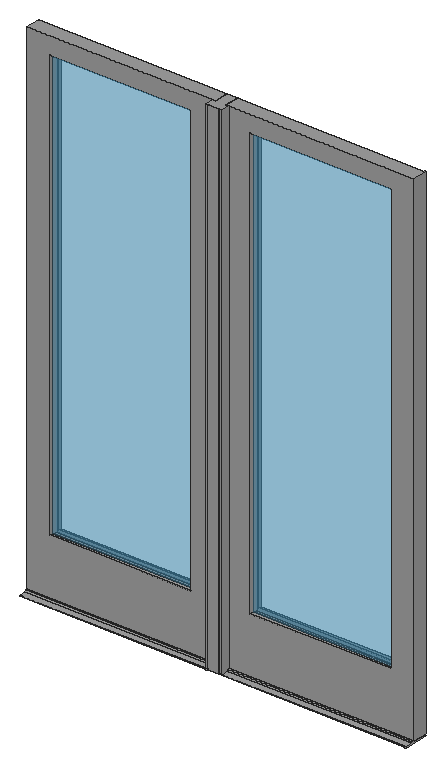
Revit family "AD-375 DOOR-Double-1.56-2 CJB-SF_v04", category Curtain Panels, Revit 2015
Parameters
  Width [instance] = 6' - 2"
  URL = "obe.com"
  Rough Width [instance] = 6' - 2"
  Offset [instance] = 0' - 0"
  Model = "AD-375 DOOR"
  Min Rough Width [instance] = if(Rough Width > 6' 1 255/256", Rough Width, 6' 2")  # 6' - 2"
  Manufacturer = "Oldcastle BuildingEnvelope®"
  Keynote = "08 11 00"
  Hinge [instance] = yes
  Height [instance] = 8' - 0"
  Glass Material = Glass
  Frame Material = Aluminum
  Door Panel Height [instance] = Height + 0' 0 23/32"  # 8' - 0 23/32"
  Description = "AD-375 - 1-9/16\" Door Infill"
  Assembly Code = "B2030"
  Analytic Construction = "<None>"
  6 Bottom Rail [instance] = no
  10 Bottom Rail [instance] = not([6 Bottom Rail])  # yes
Reference planes (in)
  plane 1 "Front": y = 0
  plane 2: z = 0
  plane 3 "Center (Left/Right)": x = 0
  plane 4 "Left": x = -37
  plane 5 "Right": x = 37
  plane 6 "Top": z = 96
  plane 7: x = -37
  plane 8: x = 37
Text (in)
  text "Exterior" at (-54.29358, 31.38743, 0), in view "Ref. Level"
  text "Exterior" at (480, 41.53993, 89.60405), in view "Right"
  text "Exterior" at (-240, 57.82419, 105.78864), in view "Left"
Dimensions and locks (in)
  equal spacing: plane 4 "Left", plane 3 "Center (Left/Right)", plane 5 "Right"
  "Width": plane 4 "Left" to plane 5 "Right"
  "Height": plane 6 "Top" to plane 2
  equal spacing: plane 7, plane 3 "Center (Left/Right)", plane 8
  "Min Rough Width": plane 7 to plane 8
  aligned and locked: level to plane 2
  aligned and locked: plane 3 "Center (Left/Right)" to nested 1
  aligned and locked: plane 1 "Front" to nested 1
Nested families (in)
  nested 1: "AD-375 DOOR-Double-1.56-Panel_v03" at (0, -17.1457, 0), Frame Material <- "Frame Material", Glass Material <- "Glass Material", Hinge <- "Hinge", 6 Bottom Rail <- "6 Bottom Rail", Height <- "Door Panel Height", Width <- "Min Rough Width", Offset <- "Offset", type "AD-375 DOOR-Double-1.56-Panel_v03"
    with Wing Width 3' - 1", built-in parameter 1001301 6' - 2", Offset 0' - 0", Hinge yes, built-in parameter 1001300 8' - 0 23/32", Glass Material Glass, Frame Material Aluminum, Bottom Rail 0' - 10 19/32", 6 Bottom Rail no, 10 Bottom Rail yes
Definition of nested family "AD-375 DOOR-Double-1.56-Panel_v03"
  Parameters (values of type "AD-375 DOOR-Double-1.56-Panel_v03")
    Wing Width [instance] = Width / 2  # 3' - 0"
    Width [instance] = 6' - 0"
    Offset [instance] = 0' - 10.702"
    Hinge [instance] = yes
    Height [instance] = 8' - 0"
    Glass Material [instance] = none
    Frame Material [instance] = none
    Bottom Rail [instance] = if([10 Bottom Rail], 0' 10 19/32", 0' 6 19/32")  # 0' - 6 19/32"
    6 Bottom Rail [instance] = yes
    10 Bottom Rail [instance] = not([6 Bottom Rail])  # no
  Reference planes (in)
    plane 1 "00": y = 5
    plane 2: z = 0
    plane 3 "Center (Left/Right)": x = 0
    plane 4: z = 96
    plane 5: x = -36
    plane 6: x = 36
    plane 7 "Center (Front/Back)": y = 17.1457
    plane 8 "Exterior": y = 5.7815
    plane 9: z = 48
    plane 10: z = 6.59375
    plane 11: z = 92.46875
    plane 12: z = 0
    plane 13: x = -31.84147
    plane 14: x = 31.82129
    plane 15 "Offset": y = 6.4437
  Forms (in)
    Sweep 1, solid, material <- "Frame Material"
      path origin (0, 5, 0) x (1, 0, 0) y (0, 0, 1)
        loop
          line (-33.19523, 96) -> (-1, 96)
      profile origin (-17.09761, 5, 96) x (0, 0, 1) y (0, -1, 0)
        loop
          line (-0.71875, -1.2884) -> (-0.71875, 1.3187) -> (-3.96875, 1.3187) -> (-3.96875, 0.78148) -> (-3.53125, 0.78148) -> (-3.53125, -0.7815) -> (-3.96875, -0.7815) -> (-3.96875, -1.2884) -> (-0.71875, -1.2884)
    Sweep 2, solid, material <- "Frame Material"
      path origin (0, 5, 0) x (1, 0, 0) y (0, 0, 1)
        loop
          line (-1.562, 0) -> (-35.70353, 0)
      profile origin (-18.63276, 5, 0) x (0, 0, -1) y (0, -1, 0)
        loop
          line (-2.62093, -1.2884) -> (-0.375, -1.2884) -> (-0.375, 1.3187) -> (-2.62093, 1.3187) -> (-7.125, 1.3187) -> (-7.125, 0.7815) -> (-6.59375, 0.7815) -> (-6.59375, -0.7815) -> (-7.125, -0.7815) -> (-7.125, -1.2884) -> (-2.62093, -1.2884)
    Sweep 3, solid, material <- "Frame Material"
      path origin (0, 5, 0) x (1, 0, 0) y (0, 0, 1)
        loop
          line (36, 95.28125) -> (36, 0.375)
      profile origin (36, 5, 47.82812) x (0, -1, 0) y (1, 0, 0)
        loop
          line (-1.2884, -0.43321) -> (-1.2884, -4.61621) -> (-0.7815, -4.61621) -> (-0.7815, -4.17871) -> (0.78148, -4.17871) -> (0.78148, -4.61621) -> (1.3187, -4.61621) -> (1.3187, -0.32321) -> (-1.35373, -0.32321) -> (-1.35373, -0.43321) -> (-1.2884, -0.43321)
    Sweep 4, solid, material <- "Frame Material"
      path origin (0, 5, 0) x (1, 0, 0) y (0, 0, 1)
        loop
          line (-36, 95.28125) -> (-36, 0.375)
      profile origin (-36, 5, 47.82812) x (0, -1, 0) y (1, 0, 0)
        loop
          line (-1.2884, 4.59603) -> (-1.2884, 0.40647) -> (-1.35373, 0.40647) -> (-1.35373, 0.29647) -> (1.3187, 0.29647) -> (1.3187, 4.59603) -> (0.78148, 4.59603) -> (0.78148, 4.15853) -> (-0.7815, 4.15853) -> (-0.7815, 4.59603) -> (-1.2884, 4.59603)
    Sweep 5, solid, material <- "Frame Material"
      path origin (0, 5, 0) x (1, 0, 0) y (0, 0, 1)
        loop
          line (0, 95.28125) -> (0, 0.375)
      profile origin (0, 5, 47.82812) x (0, -1, 0) y (1, 0, 0)
        loop
          line (-1.2884, -5.59715) -> (-0.78152, -5.59715) -> (-0.78152, -5.15641) -> (0.78148, -5.15641) -> (0.78148, -5.59715) -> (1.31797, -5.59715) -> (1.31797, -1) -> (-1.2884, -1) -> (-1.2884, -5.59715)
        loop
          line (1.3187, 5.59391) -> (0.7815, 5.59391) -> (0.7815, 5.15641) -> (-0.7815, 5.15641) -> (-0.7815, 5.59391) -> (-1.2884, 5.59391) -> (-1.2884, 1) -> (1.3187, 1) -> (1.3187, 5.59391)
    Sweep 6, solid, material <- "Frame Material"
      path origin (0, 5, 0) x (1, 0, 0) y (0, 0, 1)
        loop
          line (1, 96) -> (33.19523, 96)
      profile origin (17.09761, 5, 96) x (0, 0, 1) y (0, -1, 0)
        loop
          line (-0.71875, -1.2884) -> (-0.71875, 1.3187) -> (-2.30843, 1.3187) -> (-3.96875, 1.3187) -> (-3.96875, 0.78148) -> (-3.53125, 0.78148) -> (-3.53125, -0.7815) -> (-3.96875, -0.7815) -> (-3.96875, -1.2884) -> (-2.30843, -1.2884) -> (-0.71875, -1.2884)
    Sweep 7, solid, material <- "Frame Material"
      path origin (0, 5, 0) x (1, 0, 0) y (0, 0, 1)
        loop
          line (35.67679, 0) -> (1.562, 0)
      profile origin (18.6194, 5, 0) x (0, 0, -1) y (0, -1, 0)
        loop
          line (-3.49593, -1.2884) -> (-0.375, -1.2884) -> (-0.375, 1.3187) -> (-7.125, 1.3187) -> (-7.125, 0.7815) -> (-6.59375, 0.7815) -> (-6.59375, -0.7815) -> (-7.125, -0.7815) -> (-7.125, -1.2884) -> (-3.49593, -1.2884)
    Extrusion 8, solid, material <- "Glass Material", detail levels medium+fine
      sketch origin (0, 0, 0) x (1, 0, 0) y (0, 1, 0)
        loop
          line (5.15641, 5.78152) -> (5.15641, 5.5) -> (31.82129, 5.5) -> (31.82129, 5.78152) -> (5.15641, 5.78152)
        loop
          line (31.82129, 4.2185) -> (31.82129, 4.5) -> (5.15641, 4.5) -> (5.15641, 4.2185) -> (31.82129, 4.2185)
        loop
          line (5.15641, 5.12458) -> (5.15641, 4.87556) -> (31.82129, 4.87556) -> (31.82129, 5.12458) -> (5.15641, 5.12458)
      from 6.59375 to 92.46875
    Extrusion 9, solid, material <- "Glass Material", detail levels coarse
      sketch origin (0, 0, 0) x (1, 0, 0) y (0, 1, 0)
        loop
          line (5.15641, 5.78152) -> (5.15641, 4.2185) -> (31.82129, 4.2185) -> (31.82129, 5.78152) -> (5.15641, 5.78152)
      from 6.59375 to 92.46875
    Extrusion 10, solid, material <- "Glass Material", detail levels coarse
      sketch origin (0, 0, 0) x (1, 0, 0) y (0, 1, 0)
        loop
          line (-31.84147, 5.7815) -> (-31.84147, 4.21852) -> (-5.15641, 4.21852) -> (-5.15641, 5.7815) -> (-31.84147, 5.7815)
      from 6.59375 to 92.46875
    Extrusion 11, solid, material <- "Glass Material", detail levels medium+fine
      sketch origin (0, 0, 0) x (1, 0, 0) y (0, 1, 0)
        loop
          line (-31.84147, 5.7815) -> (-31.84147, 5.5315) -> (-5.15641, 5.5315) -> (-5.15641, 5.7815) -> (-31.84147, 5.7815)
        loop
          line (-31.84147, 4.46652) -> (-31.84147, 4.21852) -> (-5.15641, 4.21852) -> (-5.15641, 4.46652) -> (-31.84147, 4.46652)
        loop
          line (-31.84147, 5.12394) -> (-31.84147, 4.87594) -> (-5.15641, 4.87594) -> (-5.15641, 5.12394) -> (-31.84147, 5.12394)
      from 6.59375 to 92.46875
    Sweep 12, solid, material <- "Frame Material"
      path origin (0, 5, 0) x (1, 0, 0) y (0, 0, 1)
        loop
          line (0, 95.28125) -> (0, 0)
      profile origin (0, 5, 47.64062) x (0, -1, 0) y (1, 0, 0)
        loop
          line (-1.4437, -1) -> (1.3187, -1) -> (1.3187, -1.562) -> (2.9137, -1.562) -> (2.9137, -1) -> (3.0573, -1) -> (3.0573, 1) -> (2.9137, 1) -> (2.9137, 1.562) -> (1.3187, 1.562) -> (1.3187, 1) -> (-1.4437, 1) -> (-1.4437, -1)
    Sweep 13, solid, material <- "Frame Material"
      path origin (0, 6.4437, 0) x (-1, 0, 0) y (0, 0, 1)
        loop
          line (-35.67679, 0) -> (-1, 0)
      profile origin (18.3384, 6.4437, 0) x (0, 0, 1) y (0, 1, 0)
        loop
          line (0.256, -0.74946) -> (0.1262, -0.10573)
          arc (0.1262, -0.10573) -> (0.07849, -0.03403) -> (0, 0.00142) r 0.156
          line (0, 0.00142) -> (0, -4.49957) -> (0.06628, -4.49957)
          arc (0.06628, -4.49957) -> (0.08866, -4.49117) -> (0.09997, -4.47012) r 0.034
          line (0.09997, -4.47012) -> (0.256, -3.31357) -> (0.506, -3.17757) -> (0.506, -2.76242) -> (0.256, -2.76242) -> (0.256, -0.74946)
    Sweep 14, solid, material <- "Frame Material"
      path origin (0, 6.4437, 0) x (-1, 0, 0) y (0, 0, 1)
        loop
          line (1, 0) -> (35.70353, 0)
      profile origin (-18.35176, 6.4437, 0) x (0, 0, 1) y (0, 1, 0)
        loop
          line (0.256, -0.74946) -> (0.1262, -0.10573)
          arc (0.1262, -0.10573) -> (0.07849, -0.03403) -> (0, 0.00142) r 0.156
          line (0, 0.00142) -> (0, -4.49957) -> (0.06628, -4.49957)
          arc (0.06628, -4.49957) -> (0.08866, -4.49117) -> (0.09997, -4.47012) r 0.034
          line (0.09997, -4.47012) -> (0.256, -3.31357) -> (0.506, -3.17757) -> (0.506, -2.76242) -> (0.256, -2.76242) -> (0.256, -0.74946)
  Cuts and joins
    joined: Sweep 1, Sweep 2, Sweep 3, Sweep 4, Sweep 5, Sweep 6, Sweep 7
  Lines and regions (in)
    model lines
      curve 1: line (5.15641, 5.7815, 92.46875) -> (31.38379, 5.7815, 48.02216)
      curve 2: line (31.38379, 5.7815, 48.02216) -> (5.15641, 5.7815, 6.59375)
      curve 3: line (-5.15965, 5.7815, 92.46875) -> (-31.40397, 5.7815, 48)
      curve 4: line (-31.40397, 5.7815, 48) -> (-5.15965, 5.7815, 6.59375)
  Dimensions and locks (in)
    "Height": plane 4 to level
    equal spacing: plane 5, plane 3 "Center (Left/Right)", plane 6
    plane 1 "00" to plane 8 "Exterior" to plane 15 "Offset" = 0' - 0.7815" locked, 0' - 0.6622" locked
    equal spacing: level, plane 9, plane 4
    locked: plane 3 "Center (Left/Right)" to Sweep 2 sketch curve at 1.562
    locked: Sweep 3 sketch curve to plane 4 at 0.71875
    locked: Sweep 4 sketch curve to plane 4 at 0.71875
    plane 3 "Center (Left/Right)" to Sweep 1 sketch curve = 0' - 1"
    locked: Sweep 6 sketch curve to plane 3 "Center (Left/Right)" at 1
    locked: Sweep 5 sketch curve to plane 4 at 0.71875
    locked: Sweep 7 sketch curve to plane 10 at 0.53125  (x2)
    locked: Sweep 2 sketch curve to plane 10 at 0.53125  (x2)
    equal spacing: plane 4, plane 9, plane 12
    locked: plane 4 to plane 11 at 3.53125
    "Bottom Rail": plane 10 to plane 12
    "Width": plane 5 to plane 6
    locked: plane 6 to Sweep 7 sketch curve at 0.32321
    locked: Sweep 2 sketch curve to plane 5 at 0.29647
    locked: Sweep 7 sketch curve to plane 3 "Center (Left/Right)" at 1.562
    locked: plane 14 to plane 6 at 4.17871
    locked: plane 5 to plane 13 at 4.15853
    locked: plane 4 to Sweep 12 sketch curve at 0.71875
    "Offset": plane 7 "Center (Front/Back)" to plane 15 "Offset"
    locked: plane 6 to Sweep 13 sketch curve at 0.32321
    locked: Sweep 13 sketch curve to plane 3 "Center (Left/Right)" at 1
    locked: Sweep 14 sketch curve to plane 5 at 0.29647
    locked: plane 3 "Center (Left/Right)" to Sweep 14 sketch curve at 1
    locked: plane 12 to Sweep 3 sketch curve at 0.375
    locked: plane 12 to Sweep 5 sketch curve at 0.375
    locked: plane 12 to Sweep 4 sketch curve at 0.375
    aligned and locked: plane 2 to level
    aligned and locked: Sweep 1 sketch curve to plane 4
    aligned and locked: Sweep 2 sketch curve to level
    aligned and locked: plane 3 "Center (Left/Right)" to Sweep 5 sketch curve
    aligned and locked: Sweep 7 sketch curve to level
    aligned and locked: plane 4 to Sweep 6 sketch curve
    aligned and locked: Sweep 6 sketch curve to plane 11
    aligned and locked: plane 10 to Sweep 2 sketch curve
    aligned and locked: Sweep 1 sketch curve to plane 11
    aligned and locked: plane 9 to curve 4
    aligned and locked: Extrusion 8 to plane 10
    aligned and locked: Extrusion 9 to plane 10
    aligned and locked: Sweep 4 sketch curve to plane 5
    aligned and locked: Sweep 3 sketch curve to plane 6
    aligned and locked: plane 14 to Extrusion 9
    aligned and locked: plane 14 to Extrusion 8  (x2)
    aligned and locked: Sweep 12 sketch curve to plane 3 "Center (Left/Right)"
    aligned and locked: plane 12 to Sweep 12 sketch curve
    aligned and locked: Extrusion 10 to plane 10
    aligned and locked: Extrusion 11 to plane 10
    aligned and locked: Extrusion 11 sketch curve to plane 13  (x3)
    aligned and locked: Extrusion 10 sketch curve to plane 13
    aligned and locked: plane 11 to Extrusion 10
    aligned and locked: plane 11 to Extrusion 11
    aligned and locked: plane 11 to Extrusion 8
    aligned and locked: plane 11 to Extrusion 9
    aligned and locked: Sweep 13 sketch curve to plane 12
    aligned and locked: Sweep 14 sketch curve to plane 12
  Automatic sketch dimensions
    Sweep 5 sketch curve to plane 1 "00" = 0' - 1.2884"
    Sweep 5 sketch curve to profile plane = 0' - 1"
    Sweep 5 sketch curve to plane 1 "00" = 0' - 0.7815"
    Sweep 5 sketch curve to plane 1 "00" = 0' - 0.78152"
    plane 1 "00" to Sweep 5 sketch curve = 0' - 0.7815"
    plane 1 "00" to Sweep 5 sketch curve = 0' - 0.78148"
    plane 1 "00" to Sweep 5 sketch curve = 0' - 1.3187"
    Sweep 5 sketch curve to Sweep 5 sketch curve = 0' - 0.00073"
    profile plane to Sweep 5 sketch curve = 0' - 1"
    Sweep 5 sketch curve to Sweep 5 sketch curve = 0' - 0.44074"  (x2)
    Sweep 5 sketch curve to Sweep 5 sketch curve = 0' - 4.15641"  (x2)
    Sweep 5 sketch curve to Sweep 5 sketch curve = 0' - 0 7/16"  (x2)
    plane 5 to Sweep 1 sketch curve = 0' - 2.80477"
    Sweep 6 sketch curve to plane 6 = 0' - 2.80477"
    Extrusion 9 sketch curve to plane 6 = 0' - 4.17871"
    plane 1 "00" to Sweep 12 sketch curve = 0' - 1.3187"  (x2)
    Sweep 12 sketch curve to Sweep 12 sketch curve = 0' - 1.595"  (x2)
    Sweep 12 sketch curve to Sweep 12 sketch curve = 0' - 0.1436"
    profile plane to Sweep 12 sketch curve = 0' - 1.562"
    Sweep 12 sketch curve to Sweep 12 sketch curve = 0' - 0.562"  (x3)
    Sweep 12 sketch curve to profile plane = 0' - 1"  (x2)
    Sweep 12 sketch curve to plane 1 "00" = 0' - 1.4437"
    Sweep 5 sketch curve to Sweep 5 sketch curve = 0' - 0"
    plane 3 "Center (Left/Right)" to Extrusion 9 sketch curve = 0' - 5.15641"
    curve 3 to plane 11 = 0' - 0"
    curve 4 to plane 10 = 0' - 0"
    curve 2 to plane 10 = 0' - 0"
    curve 1 to plane 11 = 0' - 0"
    plane 13 to curve 4 = 0' - 0 7/16"
    plane 9 to curve 2 = 0' - 0.02216"
    curve 2 to plane 14 = 0' - 0 7/16"
    curve 3 to plane 3 "Center (Left/Right)" = 0' - 5.15965"
    curve 4 to plane 3 "Center (Left/Right)" = 0' - 5.15965"
    plane 3 "Center (Left/Right)" to curve 2 = 0' - 5.15641"
    plane 3 "Center (Left/Right)" to curve 1 = 0' - 5.15641"
    plane 8 "Exterior" to Extrusion 10 sketch curve = 0' - 0"
    Extrusion 10 sketch curve to plane 3 "Center (Left/Right)" = 0' - 5.15641"
    plane 1 "00" to Extrusion 10 sketch curve = 0' - 0.78148"
    plane 8 "Exterior" to Extrusion 11 sketch curve = 0' - 0"
    plane 1 "00" to Extrusion 11 sketch curve = 0' - 0.78148"
    Extrusion 11 sketch curve to plane 3 "Center (Left/Right)" = 0' - 5.15641"
    Extrusion 11 sketch curve to Extrusion 11 sketch curve = 0' - 0"  (x2)
    plane 1 "00" to Extrusion 11 sketch curve = 0' - 0.12406"
    Extrusion 11 sketch curve to Extrusion 11 sketch curve = 0' - 0.248"
    Extrusion 11 sketch curve to plane 1 "00" = 0' - 0.12394"
    Extrusion 11 sketch curve to Extrusion 11 sketch curve = 0' - 0 1/4"
    Extrusion 8 sketch curve to plane 14 = 0' - 0"  (x3)
    plane 1 "00" to Extrusion 8 sketch curve = 0' - 0.12444"
    plane 3 "Center (Left/Right)" to Extrusion 8 sketch curve = 0' - 5.15641"
    Extrusion 8 sketch curve to Extrusion 8 sketch curve = 0' - 0"  (x2)
    Extrusion 8 sketch curve to Extrusion 8 sketch curve = 0' - 0.37556"
    Extrusion 8 sketch curve to Extrusion 8 sketch curve = 0' - 0.2815"
    Extrusion 8 sketch curve to plane 1 "00" = 0' - 0.12458"
    plane 8 "Exterior" to Extrusion 8 sketch curve = 0' - 0.2815"
    Extrusion 8 sketch curve to plane 8 "Exterior" = 0' - 0"
    plane 1 "00" to Extrusion 9 sketch curve = 0' - 0.7815"
    Extrusion 9 sketch curve to plane 8 "Exterior" = 0' - 0"
    Sweep 7 sketch curve to Sweep 7 sketch curve = 0' - 0 17/32"
    Sweep 7 sketch curve to plane 1 "00" = 0' - 1.2884"
    Sweep 7 sketch curve to Sweep 7 sketch curve = 0' - 3.09782"
    Sweep 7 sketch curve to Sweep 7 sketch curve = 0' - 0.5069"
    plane 1 "00" to Sweep 7 sketch curve = 0' - 0.7815"
    plane 1 "00" to Sweep 7 sketch curve = 0' - 1.3187"
    Sweep 2 sketch curve to plane 1 "00" = 0' - 1.2884"
    profile plane to Sweep 2 sketch curve = 0' - 2.62093"
    Sweep 2 sketch curve to Sweep 2 sketch curve = 0' - 0"
    profile plane to Sweep 2 sketch curve = 0' - 0 3/8"
    Sweep 2 sketch curve to Sweep 2 sketch curve = 0' - 0.5069"
    plane 1 "00" to Sweep 2 sketch curve = 0' - 0.7815"
    Sweep 2 sketch curve to Sweep 2 sketch curve = 0' - 0.5372"
    Sweep 1 sketch curve to Sweep 1 sketch curve = 0' - 0 7/16"  (x2)
    profile plane to Sweep 1 sketch curve = 0' - 0 23/32"
    Sweep 1 sketch curve to plane 1 "00" = 0' - 1.2884"
    Sweep 1 sketch curve to Sweep 1 sketch curve = 0' - 0.5069"
    plane 1 "00" to Sweep 1 sketch curve = 0' - 0.78148"
    plane 1 "00" to Sweep 1 sketch curve = 0' - 1.3187"
    Sweep 6 sketch curve to Sweep 6 sketch curve = 0' - 0 7/16"  (x2)
    Sweep 6 sketch curve to Sweep 6 sketch curve = 0' - 1.22282"  (x2)
    profile plane to Sweep 6 sketch curve = 0' - 0 23/32"
    Sweep 6 sketch curve to plane 1 "00" = 0' - 1.2884"
    Sweep 6 sketch curve to Sweep 6 sketch curve = 0' - 0.5069"
    plane 1 "00" to Sweep 6 sketch curve = 0' - 0.78148"
    plane 1 "00" to Sweep 6 sketch curve = 0' - 1.3187"
    Sweep 4 sketch curve to profile plane = 0' - 0.40647"
    Sweep 4 sketch curve to plane 1 "00" = 0' - 1.35373"
    Sweep 4 sketch curve to Sweep 4 sketch curve = 0' - 0.06533"
    Sweep 4 sketch curve to Sweep 4 sketch curve = 0' - 0.5069"
    plane 1 "00" to Sweep 4 sketch curve = 0' - 0.78148"
    Sweep 4 sketch curve to Sweep 4 sketch curve = 0' - 0.53722"
    Sweep 4 sketch curve to profile plane = 0' - 0.29647"
    Sweep 4 sketch curve to Sweep 4 sketch curve = 0' - 3.75206"
    Sweep 4 sketch curve to Sweep 4 sketch curve = 0' - 0 7/16"  (x2)
    profile plane to Sweep 3 sketch curve = 0' - 0.43321"
    Sweep 3 sketch curve to plane 1 "00" = 0' - 1.35373"
    Sweep 3 sketch curve to Sweep 3 sketch curve = 0' - 0.06533"
    Sweep 3 sketch curve to Sweep 3 sketch curve = 0' - 0.5069"
    plane 1 "00" to Sweep 3 sketch curve = 0' - 0.78148"
    profile plane to Sweep 3 sketch curve = 0' - 0.32321"
    plane 1 "00" to Sweep 3 sketch curve = 0' - 1.3187"
    Sweep 3 sketch curve to Sweep 3 sketch curve = 0' - 3.8555"
    Sweep 3 sketch curve to Sweep 3 sketch curve = 0' - 0 7/16"  (x2)
    profile plane to Sweep 7 sketch curve = 0' - 0 3/8"
    Sweep 13 sketch curve to profile plane = 0' - 0.256"  (x2)
    Sweep 13 sketch curve to plane 15 "Offset" = 0' - 0.74946"
    Sweep 13 sketch curve to profile plane = 0' - 0.1262"
    Sweep 13 sketch curve to Sweep 13 sketch curve = 0' - 2.01296"
    Sweep 13 sketch curve to plane 15 "Offset" = 0' - 0.10573"
    profile plane to Sweep 13 sketch curve = 0' - 0.02248"
    Sweep 13 sketch curve to plane 15 "Offset" = 0' - 0.15295"
    plane 15 "Offset" to Sweep 13 sketch curve = 0' - 0.00142"
    Sweep 13 sketch curve to Sweep 13 sketch curve = 0' - 1.73715"
    Sweep 13 sketch curve to Sweep 13 sketch curve = 0' - 0 1/4"
    Sweep 13 sketch curve to Sweep 13 sketch curve = 0' - 0.41515"
    Sweep 13 sketch curve to Sweep 13 sketch curve = 0' - 0.136"
    Sweep 13 sketch curve to profile plane = 0' - 0.09997"
    Sweep 13 sketch curve to Sweep 13 sketch curve = 0' - 0.02945"
    Sweep 13 sketch curve to Sweep 13 sketch curve = 0' - 0.00455"
    Sweep 14 sketch curve to profile plane = 0' - 0.256"  (x2)
    Sweep 14 sketch curve to plane 15 "Offset" = 0' - 0.74946"
    Sweep 14 sketch curve to profile plane = 0' - 0.1262"
    Sweep 14 sketch curve to Sweep 14 sketch curve = 0' - 2.01296"
    Sweep 14 sketch curve to plane 15 "Offset" = 0' - 0.10573"
    profile plane to Sweep 14 sketch curve = 0' - 0.02248"
    plane 15 "Offset" to Sweep 14 sketch curve = 0' - 0.00142"
    Sweep 14 sketch curve to Sweep 14 sketch curve = 0' - 1.73715"
    Sweep 14 sketch curve to Sweep 14 sketch curve = 0' - 0 1/4"
    Sweep 14 sketch curve to Sweep 14 sketch curve = 0' - 0.41515"
    Sweep 14 sketch curve to Sweep 14 sketch curve = 0' - 0.136"
    Sweep 14 sketch curve to profile plane = 0' - 0.09997"
    Sweep 14 sketch curve to Sweep 14 sketch curve = 0' - 0.02945"
    Sweep 14 sketch curve to Sweep 14 sketch curve = 0' - 0.00455"
    profile plane to Sweep 14 sketch curve = 0' - 0"
